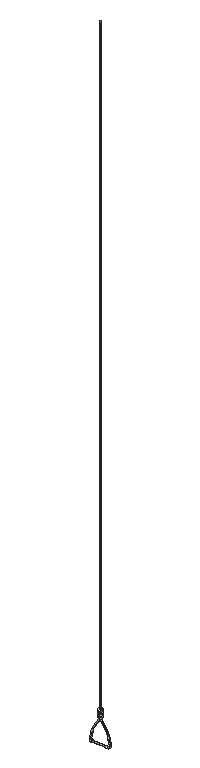
Revit family "Wire-HunterDouglas-150F", category Specialty Equipment, Revit 2013
Parameters (values of type "Parametric")
  Wire Visibility = yes
  Wire Hanger = Metal - Aluminum Frame - HunterDouglas - Painted White
  URL = "http://www.hunterdouglascontract.com/ceilings/index.jsp"
  Subcategory = "Metal – Exterior"  # constant formula
  Product Line = "150F"  # constant formula
  Perforations = "http://www.hunterdouglascontract.com/ceilings/metalsystems/exterior/150f/index.jsp?t=perfPage"
  Model = "150F Hanger_Wire"  # constant formula
  Manufacturer = "Hunter Douglas Luxalon Metal Ceilings"  # constant formula
  Hanger Wire Length [instance] = 3' - 0"
  Description = "Hanger_Wire"  # constant formula
  Color Finishes = "http://www.hunterdouglascontract.com/ceilings/metalsystems/exterior/150f/index.jsp?t=colorPage"
  Assembly Code = "C3030200"
  95 CSI = "09510"  # constant formula
  04 CSI = "09 51 00"  # constant formula
Reference planes (in)
  plane 1 "Center (Front/Back)": y = 0
  plane 2: z = 0
  plane 3 "Center (Left/Right)": x = 0
  plane 4: x = -0.77248
  plane 5: x = 0.77248
  plane 6: z = 2.4375
  plane 7: z = 2.5
  plane 8: z = 36
Dimensions and locks (in)
  equal spacing: plane 4, plane 3 "Center (Left/Right)", plane 5
  plane 4 to plane 5 = 0' - 1.54495"
  locked: plane 6 to plane 7 at 0.0625
  locked: plane 6 to level at 2.4375
  "Hanger Wire Length": plane 8 to level
  aligned and locked: level to plane 2
  aligned and locked: plane 3 "Center (Left/Right)" to nested 1
  aligned and locked: plane 1 "Center (Front/Back)" to nested 1
Nested families (in)
  nested 1: "Hanger_Wire-150" at (0, 0, 0), type "Parametric"
Definition of nested family "Hanger_Wire-150"
  Parameters (values of type "Parametric")
    Wire Visibility = yes
    URL = "http://www.hunterdouglascontract.com/ceilings/index.jsp"
    Subcategory = "Metal – Exterior"  # constant formula
    Product Line = "150F"  # constant formula
    Model = "150F Hanger_Wire"  # constant formula
    Material = Metal - Aluminum Frame - HunterDouglas - Painted White
    Manufacturer = "Hunter Douglas Luxalon Metal Ceilings"  # constant formula
    Hanger Wire Length = 3' - 0"
    Description = "Hanger_Wire"  # constant formula
    Assembly Code = "C3030200"
    95 CSI = "09510"  # constant formula
    04 CSI = "09 51 00"  # constant formula
  Reference planes (in)
    plane 1 "Center (Front/Back)": y = 0
    plane 2: z = 0
    plane 3 "Center (Left/Right)": x = 0
    plane 4: x = -0.77248
    plane 5: x = 0.77248
    plane 6: z = 2.4375
    plane 7: z = 2.5
    plane 8: z = 36
  Forms (in)
    Sweep 1, solid, material "Metal - Aluminum Frame - HunterDouglas - Painted White" <- "Material", visible <- "Wire Visibility", detail levels fine
      path origin (0, 0, 0) x (1, 0, 0) y (0, 0, 1)
        loop
          line (0.03125, 36) -> (0.03125, 3.70793) -> (0.38236, 3.14135)
          arc (0.38236, 3.14135) -> (0.44435, 3.01623) -> (0.48166, 2.88166) r 0.73777
          line (0.48166, 2.88166) -> (0.5376, 2.56649)
          arc (0.5376, 2.56649) -> (0.51364, 2.47677) -> (0.42949, 2.4375) r 0.1098
          line (0.42949, 2.4375) -> (-0.42976, 2.4375)
          arc (-0.42976, 2.4375) -> (-0.51374, 2.47669) -> (-0.53765, 2.56622) r 0.10957
          line (-0.53765, 2.56622) -> (-0.48246, 2.87715)
          arc (-0.48246, 2.87715) -> (-0.44395, 3.01607) -> (-0.37995, 3.14524) r 0.76163
          line (-0.37995, 3.14524) -> (-0.0384, 3.69638)
      profile origin (-0.00014, 0, 2.4375) x (0, 0, -1) y (0, -1, 0)
        loop
          circle (-0.03125, 0) r 0.03125
    Revolve 2, solid, material "Metal - Aluminum Frame - HunterDouglas - Painted White" <- "Material", visible <- "Wire Visibility", detail levels fine
      sketch origin (-1.10243, 0, 0.17393) x (0.947216, 0, -0.320596) y (0.320596, 0, 0.947216)
        loop
          line (-0.19925, 4.08974) -> (-0.26999, 4.08974)
          arc (-0.26999, 4.08974) -> (-0.30124, 4.05849) -> (-0.26999, 4.02724) r 0.03125
          line (-0.26999, 4.02724) -> (-0.19925, 4.02724) -> (-0.19925, 4.08974)
        axis (-0.19925, 4.02724) -> (-0.19925, 4.08974)
      angle from 0 to 360
    Revolve 3, solid, material "Metal - Aluminum Frame - HunterDouglas - Painted White" <- "Material", visible <- "Wire Visibility", detail levels fine
      sketch origin (-1.10243, 0, 0.1083) x (0.947216, 0, -0.320596) y (0.320596, 0, 0.947216)
        loop
          line (-0.19925, 4.08974) -> (-0.26999, 4.08974)
          arc (-0.26999, 4.08974) -> (-0.30124, 4.05849) -> (-0.26999, 4.02724) r 0.03125
          line (-0.26999, 4.02724) -> (-0.19925, 4.02724) -> (-0.19925, 4.08974)
        axis (-0.19925, 4.02724) -> (-0.19925, 4.08974)
      angle from 0 to 360
    Revolve 4, solid, material "Metal - Aluminum Frame - HunterDouglas - Painted White" <- "Material", visible <- "Wire Visibility", detail levels fine
      sketch origin (-1.10243, 0, 0.04197) x (0.947216, 0, -0.320596) y (0.320596, 0, 0.947216)
        loop
          line (-0.19925, 4.08974) -> (-0.26999, 4.08974)
          arc (-0.26999, 4.08974) -> (-0.30124, 4.05849) -> (-0.26999, 4.02724) r 0.03125
          line (-0.26999, 4.02724) -> (-0.19925, 4.02724) -> (-0.19925, 4.08974)
        axis (-0.19925, 4.02724) -> (-0.19925, 4.08974)
      angle from 0 to 360
    Revolve 5, solid, material "Metal - Aluminum Frame - HunterDouglas - Painted White" <- "Material", visible <- "Wire Visibility", detail levels fine
      sketch origin (-1.10243, 0, -0.02402) x (0.947216, 0, -0.320596) y (0.320596, 0, 0.947216)
        loop
          line (-0.19925, 4.08974) -> (-0.26999, 4.08974)
          arc (-0.26999, 4.08974) -> (-0.30124, 4.05849) -> (-0.26999, 4.02724) r 0.03125
          line (-0.26999, 4.02724) -> (-0.19925, 4.02724) -> (-0.19925, 4.08974)
        axis (-0.19925, 4.02724) -> (-0.19925, 4.08974)
      angle from 0 to 360
    Revolve 6, solid, material "Metal - Aluminum Frame - HunterDouglas - Painted White" <- "Material", visible <- "Wire Visibility", detail levels fine
      sketch origin (-1.10243, 0, -0.09) x (0.947216, 0, -0.320596) y (0.320596, 0, 0.947216)
        loop
          line (-0.19925, 4.08974) -> (-0.26999, 4.08974)
          arc (-0.26999, 4.08974) -> (-0.30124, 4.05849) -> (-0.26999, 4.02724) r 0.03125
          line (-0.26999, 4.02724) -> (-0.19925, 4.02724) -> (-0.19925, 4.08974)
        axis (-0.19925, 4.02724) -> (-0.19925, 4.08974)
      angle from 0 to 360
    Revolve 7, solid, material "Metal - Aluminum Frame - HunterDouglas - Painted White" <- "Material", visible <- "Wire Visibility", detail levels fine
      sketch origin (-1.10243, 0, -0.15751) x (0.947216, 0, -0.320596) y (0.320596, 0, 0.947216)
        loop
          line (-0.19925, 4.08974) -> (-0.26999, 4.08974)
          arc (-0.26999, 4.08974) -> (-0.30124, 4.05849) -> (-0.26999, 4.02724) r 0.03125
          line (-0.26999, 4.02724) -> (-0.19925, 4.02724) -> (-0.19925, 4.08974)
        axis (-0.19925, 4.02724) -> (-0.19925, 4.08974)
      angle from 0 to 360
  Cuts and joins
    joined: Sweep 1, Revolve 3, Revolve 5, Revolve 7
  Lines and regions (in)
    model lines, style "Wire", visible <- "Wire Visibility", detail levels coarse+medium
      curve 1: line (0, 0, 36) -> (0, 0, 2.5)
    symbolic lines, style "Wire", visible <- "Wire Visibility", detail levels fine
      curve 2: line (-0.50903, 0.03125, 0) -> (-0.08588, 0.03125, 0)
      curve 3: line (0.50903, -0.03126, 0) -> (0.10541, -0.03126, 0)
      curve 4: arc (0.50903, 0.03125, 0) -> (0.54029, 0, 0) -> (0.50903, -0.03126, 0) r 0.03125
      curve 5: arc (-0.50903, 0.03125, 0) -> (-0.54029, 0, 0) -> (-0.50903, -0.03126, 0) r 0.03125
      curve 6: circle (0.00977, 0, 0) r 0.10062 normal (0, 0, 1)
      curve 7: circle (0, 0, 0) r 0.03125 normal (0, 0, 1)
      curve 8: line (0.10541, 0.03125, 0) -> (0.50903, 0.03125, 0)
      curve 9: line (-0.08587, -0.03126, 0) -> (-0.50903, -0.03126, 0)
      curve 10: line (0, 0.03125, 36) -> (0, -0.03125, 36)
      curve 11: line (0, 0.03125, 2.46831) -> (0, 0.03125, 3.69854)
      curve 12: line (0, -0.03125, 36) -> (0, -0.03125, 4.05165)
      curve 13: arc (0, -0.08474, 4.0503) -> (0, -0.10167, 4.01557) -> (0, -0.08145, 3.98266) r 0.04011
      curve 14: arc (0, -0.08145, 3.98266) -> (0, -0.04212, 3.96692) -> (0, 0, 3.96236) r 0.15569
      curve 15: arc (0, 0.08474, 4.0503) -> (0, 0.10167, 4.01557) -> (0, 0.08145, 3.98266) r 0.04011
      curve 16: arc (0, 0.08145, 3.98266) -> (0, 0.04212, 3.96692) -> (0, 0, 3.96236) r 0.15569
      curve 17: arc (0, 0.03125, 4.05165) -> (0, 0, 4.04216) -> (0, -0.03125, 4.05165) r 0.05621
      curve 18: arc (0, -0.08169, 3.9828) -> (0, -0.10172, 3.94794) -> (0, -0.08145, 3.91321) r 0.04011
      curve 19: arc (0, -0.08145, 3.91321) -> (0, -0.04212, 3.89747) -> (0, 0, 3.89291) r 0.15569
      curve 20: arc (0, 0.08169, 3.9828) -> (0, 0.10172, 3.94794) -> (0, 0.08145, 3.91321) r 0.04011
      curve 21: arc (0, 0.08145, 3.91321) -> (0, 0.04212, 3.89747) -> (0, 0, 3.89291) r 0.15569
      curve 22: arc (0, -0.08474, 3.91531) -> (0, -0.10167, 3.88058) -> (0, -0.08145, 3.84767) r 0.04011
      curve 23: arc (0, -0.08145, 3.84767) -> (0, -0.04212, 3.83193) -> (0, 0, 3.82736) r 0.15569
      curve 24: arc (0, 0.08474, 3.91531) -> (0, 0.10167, 3.88058) -> (0, 0.08145, 3.84767) r 0.04011
      curve 25: arc (0, 0.08145, 3.84767) -> (0, 0.04212, 3.83193) -> (0, 0, 3.82736) r 0.15569
      curve 26: arc (0, -0.08474, 3.84977) -> (0, -0.10167, 3.81504) -> (0, -0.08145, 3.78213) r 0.04011
      curve 27: arc (0, -0.08145, 3.78213) -> (0, -0.04212, 3.76638) -> (0, 0, 3.76182) r 0.15569
      curve 28: arc (0, 0.08474, 3.84977) -> (0, 0.10167, 3.81504) -> (0, 0.08145, 3.78213) r 0.04011
      curve 29: arc (0, 0.08145, 3.78213) -> (0, 0.04212, 3.76638) -> (0, 0, 3.76182) r 0.15569
      curve 30: arc (0, -0.08474, 3.78422) -> (0, -0.10167, 3.7495) -> (0, -0.08145, 3.71659) r 0.04011
      curve 31: arc (0, -0.08145, 3.71659) -> (0, -0.04212, 3.70084) -> (0, 0, 3.69628) r 0.15569
      curve 32: arc (0, 0.08474, 3.78422) -> (0, 0.10167, 3.7495) -> (0, 0.08145, 3.71659) r 0.04011
      curve 33: arc (0, 0.08145, 3.71659) -> (0, 0.04212, 3.70084) -> (0, 0, 3.69628) r 0.15569
      curve 34: line (0, 0.03125, 4.05165) -> (0, 0.03125, 36)
      curve 35: line (0, -0.03125, 3.69854) -> (0, -0.03125, 2.46831)
      curve 36: arc (0, -0.03125, 2.46831) -> (0, 0, 2.43706) -> (0, 0.03125, 2.46831) r 0.03125
      curve 37: arc (0, -0.08474, 4.11584) -> (0, -0.10167, 4.08112) -> (0, -0.08145, 4.0482) r 0.04011
      curve 38: arc (0, -0.08145, 4.0482) -> (0, -0.04212, 4.03246) -> (0, 0, 4.0279) r 0.15569
      curve 39: arc (0, 0.08474, 4.11584) -> (0, 0.10167, 4.08112) -> (0, 0.08145, 4.0482) r 0.04011
      curve 40: arc (0, 0.08145, 4.0482) -> (0, 0.04212, 4.03246) -> (0, 0, 4.0279) r 0.15569
      curve 41: arc (0, -0.08474, 4.11584) -> (0, -0.05931, 4.12919) -> (0, -0.03125, 4.13531) r 0.10721
      curve 42: arc (0, 0.08474, 4.11584) -> (0, 0.05931, 4.12919) -> (0, 0.03125, 4.13531) r 0.10721
      curve 43: line (-0.03122, 0, 36) -> (0.03122, 0, 36)
      curve 44: line (0.03122, 0, 36) -> (0.03122, 0, 4.1081)
      curve 45: line (-0.04684, 0, 4.13498) -> (0.08788, 0, 4.08859)
      curve 46: line (-0.07537, 0, 4.07858) -> (0.06749, 0, 4.02939)
      curve 47: arc (0.08788, 0, 4.08859) -> (0.10729, 0, 4.0488) -> (0.06749, 0, 4.02939) r 0.03131
      curve 48: arc (-0.04684, 0, 4.13498) -> (-0.08569, 0, 4.11922) -> (-0.07537, 0, 4.07858) r 0.0319
      curve 49: arc (0.08788, 0, 4.02237) -> (0.10784, 0, 3.98437) -> (0.0711, 0, 3.96216) r 0.03131
      curve 50: arc (-0.04684, 0, 4.06876) -> (-0.08551, 0, 4.05335) -> (-0.07602, 0, 4.01282) r 0.0319
      curve 51: line (-0.07602, 0, 4.01282) -> (0.0711, 0, 3.96216)
      curve 52: arc (0.08788, 0, 3.95615) -> (0.10784, 0, 3.91815) -> (0.0711, 0, 3.89594) r 0.03131
      curve 53: arc (-0.04684, 0, 4.00254) -> (-0.08551, 0, 3.98713) -> (-0.07602, 0, 3.9466) r 0.0319
      curve 54: line (-0.07602, 0, 3.9466) -> (0.0711, 0, 3.89594)
      curve 55: arc (0.08788, 0, 3.88993) -> (0.10784, 0, 3.85193) -> (0.0711, 0, 3.82972) r 0.03131
      curve 56: arc (-0.04684, 0, 3.93632) -> (-0.08551, 0, 3.92091) -> (-0.07602, 0, 3.88038) r 0.0319
      curve 57: line (-0.07602, 0, 3.88038) -> (0.0711, 0, 3.82972)
      curve 58: arc (0.08788, 0, 3.82371) -> (0.10784, 0, 3.78571) -> (0.0711, 0, 3.7635) r 0.03131
      curve 59: arc (-0.04684, 0, 3.8701) -> (-0.08551, 0, 3.85469) -> (-0.07602, 0, 3.81416) r 0.0319
      curve 60: line (-0.07602, 0, 3.81416) -> (0.0711, 0, 3.7635)
      curve 61: arc (0.08788, 0, 3.75749) -> (0.10784, 0, 3.71949) -> (0.0711, 0, 3.69728) r 0.03131
      curve 62: arc (-0.04684, 0, 3.80388) -> (-0.08551, 0, 3.78847) -> (-0.07602, 0, 3.74794) r 0.0319
      curve 63: line (-0.07602, 0, 3.74794) -> (0.0711, 0, 3.69728)
      curve 64: line (-0.0384, 0, 3.69638) -> (-0.37724, 0, 3.14961)
      curve 65: line (-0.53854, 0, 2.57083) -> (-0.47845, 0, 2.89346)
      curve 66: arc (-0.47845, 0, 2.89346) -> (-0.43931, 0, 3.02606) -> (-0.37724, 0, 3.14961) r 0.77561
      curve 67: arc (-0.53854, 0, 2.57083) -> (-0.5193, 0, 2.48393) -> (-0.44337, 0, 2.4375) r 0.11373
      curve 68: line (0.08629, 0, 3.61911) -> (-0.0384, 0, 3.69638)
      curve 69: spline (-0.02925, 0, 3.69071) -> (-0.02601, 0, 3.69164) -> (-0.02149, 0, 3.69294) -> (-0.01593, 0, 3.69453) -> (-0.00958, 0, 3.69634) -> (-0.00276, 0, 3.69828) -> (0.00419, 0, 3.70026) -> (0.01093, 0, 3.70218) -> (0.01714, 0, 3.70394) -> (0.02251, 0, 3.70547) -> (0.02678, 0, 3.70667) -> (0.02974, 0, 3.70751) -> (0.03125, 0, 3.70793)
      curve 70: line (0, 0, 3.6397) -> (-0.32412, 0, 3.11669)
      curve 71: arc (-0.41709, 0, 2.88159) -> (-0.3811, 0, 3.00329) -> (-0.32412, 0, 3.11669) r 0.71311
      curve 72: line (-0.4771, 0, 2.55939) -> (-0.41709, 0, 2.88159)
      curve 73: arc (-0.4771, 0, 2.55939) -> (-0.46843, 0, 2.52024) -> (-0.43423, 0, 2.49933) r 0.05123
      curve 74: line (0.03122, 0, 36) -> (-0.03122, 0, 36)
      curve 75: line (-0.03122, 0, 36) -> (-0.03122, 0, 4.1296)
      curve 76: line (0.02882, 0, 3.71184) -> (0.37724, 0, 3.14961)
      curve 77: line (0.53854, 0, 2.57083) -> (0.47845, 0, 2.89346)
      curve 78: arc (0.47845, 0, 2.89346) -> (0.43931, 0, 3.02606) -> (0.37724, 0, 3.14961) r 0.77561
      curve 79: arc (0.53854, 0, 2.57083) -> (0.5193, 0, 2.48393) -> (0.44337, 0, 2.4375) r 0.11373
      curve 80: arc (0.4771, 0, 2.55939) -> (0.46843, 0, 2.52024) -> (0.43423, 0, 2.49933) r 0.05123
      curve 81: line (0.4771, 0, 2.55939) -> (0.41709, 0, 2.88159)
      curve 82: arc (0.41709, 0, 2.88159) -> (0.3811, 0, 3.00329) -> (0.32412, 0, 3.11669) r 0.71311
      curve 83: line (0, 0, 3.6397) -> (0.32412, 0, 3.11669)
      curve 84: line (-0.43423, 0, 2.49933) -> (0.43423, 0, 2.49933)
      curve 85: line (0.44337, 0, 2.4375) -> (-0.44337, 0, 2.4375)
      curve 86: line (-0.03122, 0, 3.73252) -> (-0.03122, 0, 3.69194)
  Dimensions and locks (in)
    equal spacing: plane 4, plane 3 "Center (Left/Right)", plane 5
    plane 4 to plane 5 = 0' - 1.54495"
    locked: plane 6 to plane 7 at 0.0625
    locked: plane 6 to level at 2.4375
    "Hanger Wire Length": plane 8 to level
    aligned and locked: level to plane 2
    aligned and locked: Sweep 1 sketch curve to plane 6
    aligned and locked: plane 8 to Sweep 1 sketch curve
    aligned and locked: curve 1 to plane 3 "Center (Left/Right)"
    aligned and locked: plane 7 to curve 1
    aligned and locked: plane 8 to curve 1
    aligned and locked: curve 7 to cut or joined group of Sweep 1, Revolve 3, Revolve 5, Revolve 7
    aligned and locked: curve 68 to cut or joined group of Sweep 1, Revolve 3, Revolve 5, Revolve 7
  Automatic sketch dimensions
    Sweep 1 sketch curve to plane 1 "Center (Front/Back)" = 0' - 0"
    profile plane to Sweep 1 sketch curve = 0' - 0 1/32"
    Revolve 2 sketch curve to plane 3 "Center (Left/Right)" = 0' - 0.06706"
    Revolve 2 sketch curve to Revolve 2 sketch curve = 0' - 0.07074"
    Revolve 2 sketch curve to Revolve 2 sketch curve = 0' - 0"  (x2)
    Revolve 2 sketch curve to Revolve 2 sketch curve = 0' - 0 1/32"
    Revolve 2 sketch curve to Revolve 2 sketch curve = 0' - 0.02781"
    Revolve 3 sketch curve to plane 3 "Center (Left/Right)" = 0' - 0.06706"
    Revolve 3 sketch curve to Revolve 3 sketch curve = 0' - 0.07074"
    Revolve 3 sketch curve to Revolve 3 sketch curve = 0' - 0"  (x2)
    Revolve 3 sketch curve to Revolve 3 sketch curve = 0' - 0 1/32"
    Revolve 3 sketch curve to Revolve 3 sketch curve = 0' - 0.02781"
    Revolve 4 sketch curve to plane 3 "Center (Left/Right)" = 0' - 0.06706"
    Revolve 4 sketch curve to Revolve 4 sketch curve = 0' - 0.07074"
    Revolve 4 sketch curve to Revolve 4 sketch curve = 0' - 0"  (x2)
    Revolve 4 sketch curve to Revolve 4 sketch curve = 0' - 0 1/32"
    Revolve 4 sketch curve to Revolve 4 sketch curve = 0' - 0.02781"
    Revolve 5 sketch curve to plane 3 "Center (Left/Right)" = 0' - 0.06706"
    Revolve 5 sketch curve to Revolve 5 sketch curve = 0' - 0.07074"
    Revolve 5 sketch curve to Revolve 5 sketch curve = 0' - 0"  (x2)
    Revolve 5 sketch curve to Revolve 5 sketch curve = 0' - 0 1/32"
    Revolve 5 sketch curve to Revolve 5 sketch curve = 0' - 0.02781"
    Revolve 6 sketch curve to plane 3 "Center (Left/Right)" = 0' - 0.06706"
    Revolve 6 sketch curve to Revolve 6 sketch curve = 0' - 0.07074"
    Revolve 6 sketch curve to Revolve 6 sketch curve = 0' - 0"  (x2)
    Revolve 6 sketch curve to Revolve 6 sketch curve = 0' - 0 1/32"
    Revolve 6 sketch curve to Revolve 6 sketch curve = 0' - 0.02781"
    Revolve 7 sketch curve to plane 3 "Center (Left/Right)" = 0' - 0.06706"
    Revolve 7 sketch curve to Revolve 7 sketch curve = 0' - 0.07074"
    Revolve 7 sketch curve to Revolve 7 sketch curve = 0' - 0"  (x2)
    Revolve 7 sketch curve to Revolve 7 sketch curve = 0' - 0 1/32"
    Revolve 7 sketch curve to Revolve 7 sketch curve = 0' - 0.02781"
    plane 7 to Sweep 1 sketch curve = 0' - 0.06622"
    Sweep 1 sketch curve to plane 4 = 0' - 0.23483"
    Sweep 1 sketch curve to plane 4 = 0' - 0.29002"
    Sweep 1 sketch curve to Sweep 1 sketch curve = 0' - 0.10788"
    Sweep 1 sketch curve to Sweep 1 sketch curve = 0' - 0.10251"
    Sweep 1 sketch curve to plane 3 "Center (Left/Right)" = 0' - 0.24476"
    Sweep 1 sketch curve to plane 3 "Center (Left/Right)" = 0' - 0.0384"
    plane 3 "Center (Left/Right)" to Sweep 1 sketch curve = 0' - 0 1/32"
    plane 3 "Center (Left/Right)" to Sweep 1 sketch curve = 0' - 0.26745"
    plane 3 "Center (Left/Right)" to Sweep 1 sketch curve = 0' - 0.38236"
    Sweep 1 sketch curve to plane 5 = 0' - 0.34298"
    Sweep 1 sketch curve to Sweep 1 sketch curve = 0' - 0.21421"
    plane 7 to Sweep 1 sketch curve = 0' - 0.06649"
    Sweep 1 sketch curve to Sweep 1 sketch curve = 0' - 0.10811"
    plane 7 to Sweep 1 sketch curve = 0' - 0.24405"
    plane 7 to Sweep 1 sketch curve = 0' - 0.25273"
    Sweep 1 sketch curve to Sweep 1 sketch curve = 0' - 0.12442"
    Sweep 1 sketch curve to Sweep 1 sketch curve = 0' - 0.13761"
    Sweep 1 sketch curve to Sweep 1 sketch curve = 0' - 0.55114"
    Sweep 1 sketch curve to Sweep 1 sketch curve = 0' - 0.01154"
    plane 7 to Revolve 2 sketch curve = 0' - 1.57516"
    plane 7 to Revolve 3 sketch curve = 0' - 1.50953"
    plane 7 to Revolve 4 sketch curve = 0' - 1.44319"
    plane 7 to Revolve 5 sketch curve = 0' - 1.37721"
    plane 7 to Revolve 6 sketch curve = 0' - 1.31123"
    plane 7 to Revolve 7 sketch curve = 0' - 1.24371"
    plane 1 "Center (Front/Back)" to curve 6 = 0' - 0"
    curve 2 to plane 1 "Center (Front/Back)" = 0' - 0 1/32"
    curve 2 to plane 4 = 0' - 0.26344"
    plane 3 "Center (Left/Right)" to curve 6 = 0' - 0.00977"
    plane 1 "Center (Front/Back)" to curve 3 = 0' - 0 1/32"
    curve 3 to plane 5 = 0' - 0.26344"
    plane 3 "Center (Left/Right)" to curve 8 = 0' - 0.10541"
    plane 1 "Center (Front/Back)" to curve 4 = 0' - 0"
    plane 1 "Center (Front/Back)" to curve 5 = 0' - 0 1/32"
    curve 12 to plane 8 = 0' - 0"
    curve 17 to plane 1 "Center (Front/Back)" = 0' - 0"
    curve 25 to plane 1 "Center (Front/Back)" = 0' - 0"
    curve 21 to plane 1 "Center (Front/Back)" = 0' - 0"
    curve 33 to plane 1 "Center (Front/Back)" = 0' - 0"
    curve 38 to plane 1 "Center (Front/Back)" = 0' - 0"
    curve 36 to plane 1 "Center (Front/Back)" = 0' - 0"
    curve 14 to plane 1 "Center (Front/Back)" = 0' - 0"
    curve 27 to plane 1 "Center (Front/Back)" = 0' - 0"
    plane 1 "Center (Front/Back)" to curve 19 = 0' - 0.00445"
    plane 1 "Center (Front/Back)" to curve 23 = 0' - 0.00445"
    plane 1 "Center (Front/Back)" to curve 14 = 0' - 0.00445"
    plane 1 "Center (Front/Back)" to curve 27 = 0' - 0.00445"
    plane 1 "Center (Front/Back)" to curve 38 = 0' - 0.00445"
    plane 1 "Center (Front/Back)" to curve 31 = 0' - 0.00445"
    plane 1 "Center (Front/Back)" to curve 41 = 0' - 0.02264"
    plane 1 "Center (Front/Back)" to curve 10 = 0' - 0 1/32"
    curve 36 to curve 36 = 0' - 0 1/32"
    curve 30 to curve 35 = 0' - 0.03036"
    plane 1 "Center (Front/Back)" to curve 26 = 0' - 0.06161"
    curve 13 to curve 41 = 0' - 0.03896"
    plane 1 "Center (Front/Back)" to curve 22 = 0' - 0.06161"
    curve 27 to curve 30 = 0' - 0.01984"
    curve 18 to curve 22 = 0' - 0.01984"
    curve 30 to curve 30 = 0' - 0.01984"
    curve 26 to curve 27 = 0' - 0"
    curve 38 to curve 13 = 0' - 0.01984"
    curve 37 to curve 38 = 0' - 0"
    curve 19 to curve 18 = 0' - 0"
    curve 31 to curve 30 = 0' - 0"
    curve 22 to curve 26 = 0' - 0.01984"
    curve 13 to curve 18 = 0' - 0.01984"
    curve 14 to curve 13 = 0' - 0"
    curve 23 to curve 22 = 0' - 0"
    curve 18 to curve 13 = 0' - 0.00025"
    curve 30 to curve 26 = 0' - 0.0033"
    curve 13 to curve 38 = 0' - 0.0033"
    curve 22 to curve 19 = 0' - 0.0033"
    curve 41 to curve 37 = 0' - 0.02313"
    curve 26 to curve 22 = 0' - 0.0033"
    curve 25 to plane 1 "Center (Front/Back)" = 0' - 0.00445"
    curve 29 to plane 1 "Center (Front/Back)" = 0' - 0.00445"
    curve 40 to plane 1 "Center (Front/Back)" = 0' - 0.00445"
    curve 16 to plane 1 "Center (Front/Back)" = 0' - 0.00445"
    curve 33 to plane 1 "Center (Front/Back)" = 0' - 0.00445"
    curve 21 to plane 1 "Center (Front/Back)" = 0' - 0.00445"
    curve 42 to plane 1 "Center (Front/Back)" = 0' - 0.02264"
    curve 10 to plane 1 "Center (Front/Back)" = 0' - 0 1/32"
    curve 24 to plane 1 "Center (Front/Back)" = 0' - 0.06161"
    curve 42 to curve 15 = 0' - 0.03896"
    curve 11 to curve 32 = 0' - 0.03036"
    curve 28 to plane 1 "Center (Front/Back)" = 0' - 0.06161"
    curve 20 to curve 16 = 0' - 0.01984"
    curve 32 to curve 28 = 0' - 0.01984"
    curve 28 to curve 25 = 0' - 0.01984"
    curve 24 to curve 25 = 0' - 0"
    curve 29 to curve 28 = 0' - 0"
    curve 32 to curve 32 = 0' - 0.01984"
    curve 24 to curve 21 = 0' - 0.01984"
    curve 20 to curve 21 = 0' - 0"
    curve 15 to curve 16 = 0' - 0"
    curve 15 to curve 40 = 0' - 0.01984"
    curve 39 to curve 40 = 0' - 0"
    curve 33 to curve 32 = 0' - 0"
    curve 16 to curve 20 = 0' - 0.00025"
    curve 39 to curve 39 = 0' - 0.02313"
    curve 28 to curve 32 = 0' - 0.0033"
    curve 25 to curve 28 = 0' - 0.0033"
    curve 20 to curve 24 = 0' - 0.0033"
    plane 7 to curve 40 = 0' - 1.68352"
    curve 38 to curve 40 = 0' - 0"
    curve 42 to curve 40 = 0' - 0.04821"
    curve 41 to curve 38 = 0' - 0.04821"
    curve 41 to curve 41 = 0' - 0.01947"
    curve 14 to curve 41 = 0' - 0.01733"
    curve 14 to curve 16 = 0' - 0"
    curve 17 to curve 14 = 0' - 0.01961"
    curve 38 to curve 21 = 0' - 0.02063"
    curve 19 to curve 21 = 0' - 0"
    curve 16 to curve 25 = 0' - 0.02063"
    curve 23 to curve 25 = 0' - 0"
    curve 16 to curve 20 = 0' - 0.00014"
    curve 19 to curve 29 = 0' - 0.02454"
    curve 27 to curve 29 = 0' - 0"
    curve 20 to curve 24 = 0' - 0.00209"
    curve 25 to curve 33 = 0' - 0.02454"
    curve 31 to curve 33 = 0' - 0"
    curve 22 to curve 26 = 0' - 0.00209"
    curve 28 to curve 32 = 0' - 0.00209"
    curve 36 to plane 6 = 0' - 0.03081"
    curve 37 to curve 41 = 0' - 0.05349"
    curve 18 to curve 13 = 0' - 0.02008"
    curve 39 to curve 39 = 0' - 0.01984"
    curve 20 to curve 24 = 0' - 0.02313"
    curve 39 to curve 15 = 0' - 0.0033"
    curve 31 to curve 38 = 0' - 0.33162"
    curve 41 to curve 12 = 0' - 0.0232"
    curve 66 to curve 71 = 0' - 0"  (x2)
    curve 67 to curve 73 = 0' - 0"  (x2)
    curve 78 to curve 82 = 0' - 0"  (x2)
    curve 79 to curve 80 = 0' - 0"  (x2)
    curve 67 to plane 6 = 0' - 0"
    curve 74 to plane 8 = 0' - 0"
    curve 83 to plane 3 "Center (Left/Right)" = 0' - 0"
    curve 69 to plane 3 "Center (Left/Right)" = 0' - 0.02925"
    curve 86 to curve 69 = 0' - 0.00197"
    curve 75 to plane 3 "Center (Left/Right)" = 0' - 0.03122"
    curve 69 to curve 86 = 0' - 0.00021"
    curve 64 to curve 86 = 0' - 0.00718"
    curve 62 to plane 3 "Center (Left/Right)" = 0' - 0.04684"
    curve 48 to curve 75 = 0' - 0 1/64"
    curve 59 to plane 3 "Center (Left/Right)" = 0' - 0.04684"
    curve 53 to plane 3 "Center (Left/Right)" = 0' - 0.04684"
    curve 56 to plane 3 "Center (Left/Right)" = 0' - 0.04684"
    curve 50 to plane 3 "Center (Left/Right)" = 0' - 0.04684"
    curve 59 to curve 59 = 0' - 0.01039"
    curve 50 to curve 50 = 0' - 0.01039"
    curve 48 to curve 48 = 0' - 0.01039"
    curve 62 to curve 62 = 0' - 0.01039"
    curve 56 to curve 56 = 0' - 0.01039"
    curve 53 to curve 53 = 0' - 0.01039"
    curve 46 to curve 50 = 0' - 0.02853"
    curve 59 to curve 62 = 0' - 0.02918"
    curve 54 to curve 56 = 0' - 0.02918"
    curve 63 to curve 62 = 0' - 0.01879"
    curve 56 to curve 59 = 0' - 0.02918"
    curve 50 to curve 53 = 0' - 0.02918"
    curve 70 to plane 3 "Center (Left/Right)" = 0' - 0.32412"
    curve 64 to curve 71 = 0' - 0.05313"
    curve 71 to curve 78 = 0' - 0.13505"
    plane 7 to curve 73 = 0' - 0.05001"
    curve 73 to curve 78 = 0' - 0.14469"
    curve 73 to plane 7 = 0' - 0.00067"
    curve 73 to curve 67 = 0' - 0.0075"
    curve 85 to curve 84 = 0' - 0.00915"
    curve 73 to curve 67 = 0' - 0.05037"
    curve 65 to curve 71 = 0' - 0.06136"
    plane 7 to curve 65 = 0' - 0.07083"
    plane 3 "Center (Left/Right)" to curve 69 = 0' - 0"
    plane 3 "Center (Left/Right)" to curve 76 = 0' - 0.02882"
    plane 3 "Center (Left/Right)" to curve 43 = 0' - 0.03122"
    curve 76 to curve 69 = 0' - 0.00243"
    plane 3 "Center (Left/Right)" to curve 47 = 0' - 0.06749"
    curve 69 to curve 63 = 0' - 0.03985"
    curve 58 to curve 63 = 0' - 0"
    curve 47 to curve 49 = 0' - 0.00361"
    curve 55 to curve 60 = 0' - 0"
    curve 51 to curve 54 = 0' - 0"
    curve 63 to curve 61 = 0' - 0.00658"
    curve 57 to curve 55 = 0' - 0.00658"
    curve 46 to curve 47 = 0' - 0.01019"
    curve 49 to curve 49 = 0' - 0.00658"
    curve 60 to curve 58 = 0' - 0.00658"
    curve 54 to curve 52 = 0' - 0.00658"
    curve 61 to curve 68 = 0' - 0.01519"
    curve 47 to curve 49 = 0' - 0.02038"
    curve 58 to curve 61 = 0' - 0.01678"
    curve 51 to curve 52 = 0' - 0.01678"
    curve 55 to curve 58 = 0' - 0.01678"
    curve 47 to curve 47 = 0' - 0.01019"
    curve 52 to curve 55 = 0' - 0.01678"
    plane 3 "Center (Left/Right)" to curve 71 = 0' - 0.28204"
    plane 3 "Center (Left/Right)" to curve 83 = 0' - 0.32412"
    curve 83 to curve 76 = 0' - 0.05313"
    curve 66 to curve 81 = 0' - 0.13505"
    plane 7 to curve 80 = 0' - 0.05001"
    curve 66 to curve 80 = 0' - 0.14469"
    curve 79 to curve 80 = 0' - 0.0075"
    curve 84 to curve 79 = 0' - 0.00915"
    curve 79 to curve 80 = 0' - 0.05037"
    curve 81 to curve 78 = 0' - 0.06136"
    curve 80 to curve 79 = 0' - 0.06144"
    curve 79 to curve 71 = 0' - 0.19104"
    curve 67 to curve 82 = 0' - 0.19104"
    curve 66 to curve 81 = 0' - 0.14054"
    curve 71 to curve 65 = 0' - 0.01187"
    curve 81 to curve 78 = 0' - 0.01187"
    curve 83 to curve 69 = 0' - 0.05101"
    curve 69 to curve 86 = 0' - 0.00186"
    curve 63 to curve 69 = 0' - 0.01064"
    curve 63 to curve 61 = 0' - 0.03061"
    curve 64 to curve 86 = 0' - 0.03613"
    curve 61 to curve 58 = 0' - 0.00601"
    curve 62 to curve 62 = 0' - 0.02577"
    curve 60 to curve 58 = 0' - 0.03061"
    curve 62 to curve 60 = 0' - 0.01028"
    curve 58 to curve 57 = 0' - 0.00601"
    curve 60 to curve 59 = 0' - 0.02577"
    curve 57 to curve 55 = 0' - 0.03061"
    curve 59 to curve 57 = 0' - 0.01028"
    curve 55 to curve 54 = 0' - 0.00601"
    curve 56 to curve 56 = 0' - 0.02577"
    curve 54 to curve 52 = 0' - 0.03061"
    curve 56 to curve 53 = 0' - 0.01028"
    curve 52 to curve 49 = 0' - 0.00601"
    curve 53 to curve 53 = 0' - 0.02577"
    curve 49 to curve 49 = 0' - 0.03061"
    curve 53 to curve 51 = 0' - 0.01028"
    curve 49 to curve 47 = 0' - 0.00702"
    curve 51 to curve 50 = 0' - 0.02577"
    curve 46 to curve 47 = 0' - 0.0296"
    curve 46 to curve 48 = 0' - 0.02623"
    radius of Sweep 1 sketch curve = 0' - 0 1/32"
